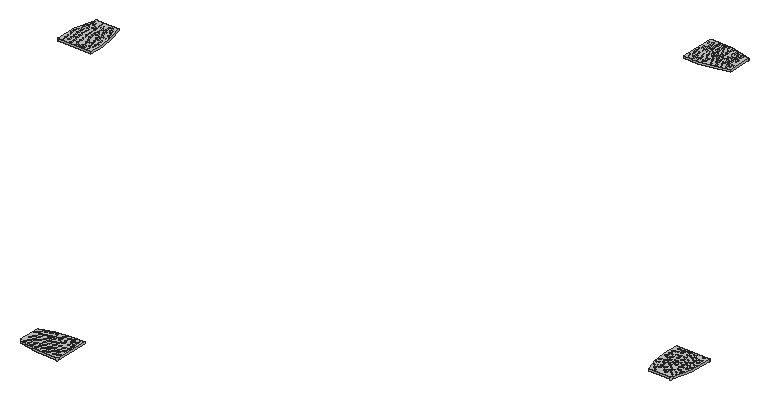
Revit family "PS-C63RTLP z", category Generic Models, host Ceiling, Revit 2016
Family settings
  Host = Ceiling
  Part Type = Normal
  Can host rebar = No
  Round Connector Dimension = Use Diameter
  Work Plane-Based = No
  Always vertical = Yes
  Cut with Voids When Loaded = No
  Shared = No
  Room Calculation Point = No
Parameters (values of type "Default")
  Width = "11.06"
  Weight Product = "10"
  Weight Dimensional = "19"
  Speaker Data Link = "https://www.sonance.com/assets/media/files/downloads/PS_C63RT_030447.gll"
  Sensitivity = "91"
  SPL Max = "108"
  Regulatory Compliance = "UL 1480, UL 2043, NFPA 90A, NFPA 70"
  Product Page URL = "https://www.sonance.com/professionalseries/psc63rtlp"
  Product Documentation Link = "https://www.sonance.com/assets/media/files/downloads/Pro_Series_Spec_Sheet_No_Pricing_040802.pdf"
  Power Peak = "120"
  Power Handling = "120"
  Part Number = "45182"
  Model = "PS-C63RTLP"
  Manufacturer URL = "https://www.sonance.com"
  Manufacturer = "Sonance"
  Low-Frequency Driver = "6.5” (165mm) Polypropylene Cone, Butyl Rubber Surround"
  Knockout = "one back-mounted, one side-mounted 0.75\""
  Input Connector = "Four pin Euroblock with loop output connections"
  Impedance = "8"
  High-Frequency Driver = "1” (25mm) Cloth Dome, Pivoting, Ferrofluid cooled"
  Height = "11.06"
  Grille = "Supplied with bezel-less white grille. Optional black grille, or square adapter with black or white grille"
  Frequency Range (-3dB) = "65Hz-20kHz"
  Frequency Range (-10dB) = "49Hz-25kHz"
  Directivity Factor (Q) = "6.5"
  Directivity (DI) = "7.9"
  Description = "6.5\" 2-way Round Low-profile In-ceiling Speaker with 70V/100V transformer for commercial applications"
  Depth = "4.37"
  Coverage Vertical = "120"
  Coverage Horizontal = "120"
  70V Taps = "7.5, 15, 30, 60"
  100V Taps = "15, 30, 60"
Reference planes
  plane 1 "Center (Front/Back)": y = 0
  plane 2 "Ceiling": z = 2438.4
  plane 3 "Center (Left/Right)": x = 0
  plane 4 "a": z = 2471.617
Forms (mm)
  Extrusion 1, solid, material "192-192-192-0-0.400000005960464_(1)"
    sketch origin (-23.875, 13.434, 2457.405) x (0.990132, 0.140134, 0) y (-0.140134, 0.990132, 0)
      loop
        line (-88.795, 27.95) -> (-95.991, 28.961)
        arc (-95.991, 28.961) -> (-96.42, 28.899) -> (-96.685, 28.555) r 0.578
        arc (-96.685, 28.555) -> (-99.082, 22.131) -> (-100.362, 15.395) r 40.543
        arc (-100.362, 15.395) -> (-100.313, 14.951) -> (-99.963, 14.675) r 0.577
        line (-99.963, 14.675) -> (-88.813, 13.108)
        arc (-88.813, 13.108) -> (-87.799, 20.527) -> (-88.795, 27.95) r 27.891
      loop
        line (-98.07, 21.344) -> (-98.705, 22.116) -> (-99.056, 21.18) -> (-98.07, 21.344)
      loop
        line (-98.157, 19.764) -> (-98.792, 20.536) -> (-99.143, 19.6) -> (-98.157, 19.764)
      loop
        line (-98.153, 18.234) -> (-98.789, 19.006) -> (-99.14, 18.07) -> (-98.153, 18.234)
      loop
        line (-98.083, 16.643) -> (-98.718, 17.415) -> (-99.069, 16.479) -> (-98.083, 16.643)
      loop
        line (-98.17, 15.063) -> (-98.805, 15.835) -> (-99.156, 14.899) -> (-98.17, 15.063)
      loop
        line (-96.268, 22.115) -> (-96.903, 22.887) -> (-97.254, 21.95) -> (-96.268, 22.115)
      loop
        line (-96.624, 20.743) -> (-97.259, 21.515) -> (-97.61, 20.579) -> (-96.624, 20.743)
      loop
        line (-96.711, 19.163) -> (-97.346, 19.936) -> (-97.697, 18.999) -> (-96.711, 19.163)
      loop
        line (-96.707, 17.633) -> (-97.343, 18.406) -> (-97.694, 17.469) -> (-96.707, 17.633)
      loop
        line (-96.637, 16.042) -> (-97.272, 16.814) -> (-97.623, 15.878) -> (-96.637, 16.042)
      loop
        line (-94.985, 22.566) -> (-95.62, 23.338) -> (-95.971, 22.401) -> (-94.985, 22.566)
      loop
        line (-95.24, 21.211) -> (-95.875, 21.983) -> (-96.226, 21.047) -> (-95.24, 21.211)
      loop
        line (-95.327, 19.631) -> (-95.962, 20.404) -> (-96.313, 19.467) -> (-95.327, 19.631)
      loop
        line (-95.323, 18.101) -> (-95.959, 18.874) -> (-96.31, 17.937) -> (-95.323, 18.101)
      loop
        line (-95.253, 16.51) -> (-95.888, 17.282) -> (-96.239, 16.346) -> (-95.253, 16.51)
      loop
        line (-95.339, 14.93) -> (-95.975, 15.703) -> (-96.326, 14.766) -> (-95.339, 14.93)
      loop
        line (-93.516, 22.138) -> (-94.151, 22.91) -> (-94.502, 21.974) -> (-93.516, 22.138)
      loop
        line (-93.729, 20.566) -> (-94.365, 21.339) -> (-94.716, 20.402) -> (-93.729, 20.566)
      loop
        line (-93.719, 18.921) -> (-94.355, 19.693) -> (-94.706, 18.757) -> (-93.719, 18.921)
      loop
        line (-93.586, 17.303) -> (-94.222, 18.075) -> (-94.573, 17.139) -> (-93.586, 17.303)
      loop
        line (-93.807, 15.909) -> (-94.442, 16.681) -> (-94.793, 15.745) -> (-93.807, 15.909)
      loop
        line (-92.177, 22.935) -> (-92.813, 23.707) -> (-93.164, 22.77) -> (-92.177, 22.935)
      loop
        line (-92.456, 21.407) -> (-93.091, 22.179) -> (-93.442, 21.243) -> (-92.456, 21.407)
      loop
        line (-92.389, 20.054) -> (-93.025, 20.826) -> (-93.375, 19.889) -> (-92.389, 20.054)
      loop
        line (-92.103, 18.662) -> (-92.738, 19.434) -> (-93.089, 18.498) -> (-92.103, 18.662)
      loop
        line (-91.727, 17.242) -> (-92.363, 18.014) -> (-92.714, 17.077) -> (-91.727, 17.242)
      loop
        line (-91.587, 15.649) -> (-92.222, 16.421) -> (-92.573, 15.485) -> (-91.587, 15.649)
      loop
        line (-91.319, 22.024) -> (-91.954, 22.797) -> (-92.305, 21.86) -> (-91.319, 22.024)
      loop
        line (-90.665, 20.619) -> (-91.3, 21.391) -> (-91.651, 20.455) -> (-90.665, 20.619)
      loop
        line (-90.361, 19.058) -> (-90.997, 19.83) -> (-91.348, 18.894) -> (-90.361, 19.058)
      loop
        line (-90.066, 17.471) -> (-90.701, 18.243) -> (-91.052, 17.307) -> (-90.066, 17.471)
      loop
        line (-89.903, 15.643) -> (-90.599, 16.489) -> (-90.984, 15.463) -> (-89.903, 15.643)
      loop
        line (-90.158, 27.013) -> (-90.794, 27.785) -> (-91.145, 26.849) -> (-90.158, 27.013)
      loop
        line (-90.437, 25.486) -> (-91.072, 26.258) -> (-91.423, 25.321) -> (-90.437, 25.486)
      loop
        line (-90.37, 24.132) -> (-91.005, 24.904) -> (-91.356, 23.968) -> (-90.37, 24.132)
      loop
        line (-90.084, 22.741) -> (-90.719, 23.513) -> (-91.07, 22.576) -> (-90.084, 22.741)
      loop
        line (-89.708, 21.32) -> (-90.344, 22.092) -> (-90.695, 21.156) -> (-89.708, 21.32)
      loop
        line (-89.568, 19.728) -> (-90.203, 20.5) -> (-90.554, 19.564) -> (-89.568, 19.728)
      loop
        line (-89.3, 26.103) -> (-89.935, 26.875) -> (-90.286, 25.939) -> (-89.3, 26.103)
      loop
        line (-88.646, 24.698) -> (-89.281, 25.47) -> (-89.632, 24.533) -> (-88.646, 24.698)
      loop
        line (-88.342, 23.137) -> (-88.978, 23.909) -> (-89.329, 22.972) -> (-88.342, 23.137)
      loop
        line (-88.047, 21.55) -> (-88.682, 22.322) -> (-89.033, 21.386) -> (-88.047, 21.55)
      loop
        line (-93.204, 27.013) -> (-93.839, 27.785) -> (-94.19, 26.849) -> (-93.204, 27.013)
      loop
        line (-93.482, 25.486) -> (-94.118, 26.258) -> (-94.469, 25.321) -> (-93.482, 25.486)
      loop
        line (-93.259, 23.859) -> (-93.895, 24.631) -> (-94.246, 23.694) -> (-93.259, 23.859)
      loop
        line (-92.346, 26.103) -> (-92.981, 26.875) -> (-93.332, 25.939) -> (-92.346, 26.103)
      loop
        line (-91.691, 24.698) -> (-92.327, 25.47) -> (-92.678, 24.533) -> (-91.691, 24.698)
      loop
        line (-95.72, 27.013) -> (-96.355, 27.785) -> (-96.706, 26.849) -> (-95.72, 27.013)
      loop
        line (-95.998, 25.486) -> (-96.634, 26.258) -> (-96.985, 25.321) -> (-95.998, 25.486)
      loop
        line (-95.58, 24.015) -> (-96.216, 24.787) -> (-96.567, 23.851) -> (-95.58, 24.015)
      loop
        line (-94.862, 26.103) -> (-95.497, 26.875) -> (-95.848, 25.939) -> (-94.862, 26.103)
      loop
        line (-94.207, 24.698) -> (-94.843, 25.47) -> (-95.194, 24.533) -> (-94.207, 24.698)
      loop
        line (-88.564, 18.796) -> (-89.2, 19.568) -> (-89.551, 18.632) -> (-88.564, 18.796)
      loop
        line (-88.843, 17.268) -> (-89.478, 18.041) -> (-89.829, 17.104) -> (-88.843, 17.268)
      loop
        line (-88.776, 15.915) -> (-89.412, 16.687) -> (-89.763, 15.751) -> (-88.776, 15.915)
      loop
        line (-93.593, 14.519) -> (-94.228, 15.291) -> (-94.579, 14.355) -> (-93.593, 14.519)
      loop
        line (-92.126, 14.274) -> (-92.762, 15.046) -> (-93.113, 14.11) -> (-92.126, 14.274)
      loop
        line (-90.938, 14.472) -> (-91.574, 15.244) -> (-91.925, 14.308) -> (-90.938, 14.472)
      loop
        line (-89.47, 14.206) -> (-90.105, 14.978) -> (-90.456, 14.042) -> (-89.47, 14.206)
      loop
        line (-97.278, 22.62) -> (-97.914, 23.393) -> (-98.265, 22.456) -> (-97.278, 22.62)
      loop
        line (-96.864, 24.482) -> (-97.5, 25.254) -> (-97.851, 24.317) -> (-96.864, 24.482)
    from 16.25 to 16.88
  Extrusion 2, solid, material "192-192-192-0-0.400000005960464_(1)"
    sketch origin (23.46, -13.476, 2457.405) x (-0.990378, -0.13839, 0) y (0.13839, -0.990378, 0)
      loop
        line (-88.795, 27.95) -> (-95.991, 28.961)
        arc (-95.991, 28.961) -> (-96.42, 28.899) -> (-96.685, 28.555) r 0.578
        arc (-96.685, 28.555) -> (-99.082, 22.131) -> (-100.362, 15.395) r 40.543
        arc (-100.362, 15.395) -> (-100.313, 14.951) -> (-99.963, 14.675) r 0.577
        line (-99.963, 14.675) -> (-88.813, 13.108)
        arc (-88.813, 13.108) -> (-87.799, 20.527) -> (-88.795, 27.95) r 27.891
      loop
        line (-98.07, 21.344) -> (-98.705, 22.116) -> (-99.056, 21.18) -> (-98.07, 21.344)
      loop
        line (-98.157, 19.764) -> (-98.792, 20.536) -> (-99.143, 19.6) -> (-98.157, 19.764)
      loop
        line (-98.153, 18.234) -> (-98.789, 19.006) -> (-99.14, 18.07) -> (-98.153, 18.234)
      loop
        line (-98.083, 16.643) -> (-98.718, 17.415) -> (-99.069, 16.479) -> (-98.083, 16.643)
      loop
        line (-98.17, 15.063) -> (-98.805, 15.835) -> (-99.156, 14.899) -> (-98.17, 15.063)
      loop
        line (-96.268, 22.115) -> (-96.903, 22.887) -> (-97.254, 21.95) -> (-96.268, 22.115)
      loop
        line (-96.624, 20.743) -> (-97.259, 21.515) -> (-97.61, 20.579) -> (-96.624, 20.743)
      loop
        line (-96.711, 19.163) -> (-97.346, 19.936) -> (-97.697, 18.999) -> (-96.711, 19.163)
      loop
        line (-96.707, 17.633) -> (-97.343, 18.406) -> (-97.694, 17.469) -> (-96.707, 17.633)
      loop
        line (-96.637, 16.042) -> (-97.272, 16.814) -> (-97.623, 15.878) -> (-96.637, 16.042)
      loop
        line (-94.985, 22.566) -> (-95.62, 23.338) -> (-95.971, 22.401) -> (-94.985, 22.566)
      loop
        line (-95.24, 21.211) -> (-95.875, 21.983) -> (-96.226, 21.047) -> (-95.24, 21.211)
      loop
        line (-95.327, 19.631) -> (-95.962, 20.404) -> (-96.313, 19.467) -> (-95.327, 19.631)
      loop
        line (-95.323, 18.101) -> (-95.959, 18.874) -> (-96.31, 17.937) -> (-95.323, 18.101)
      loop
        line (-95.253, 16.51) -> (-95.888, 17.282) -> (-96.239, 16.346) -> (-95.253, 16.51)
      loop
        line (-95.339, 14.93) -> (-95.975, 15.703) -> (-96.326, 14.766) -> (-95.339, 14.93)
      loop
        line (-93.516, 22.138) -> (-94.151, 22.91) -> (-94.502, 21.974) -> (-93.516, 22.138)
      loop
        line (-93.729, 20.566) -> (-94.365, 21.339) -> (-94.716, 20.402) -> (-93.729, 20.566)
      loop
        line (-93.719, 18.921) -> (-94.355, 19.693) -> (-94.706, 18.757) -> (-93.719, 18.921)
      loop
        line (-93.586, 17.303) -> (-94.222, 18.075) -> (-94.573, 17.139) -> (-93.586, 17.303)
      loop
        line (-93.807, 15.909) -> (-94.442, 16.681) -> (-94.793, 15.745) -> (-93.807, 15.909)
      loop
        line (-92.177, 22.935) -> (-92.813, 23.707) -> (-93.164, 22.77) -> (-92.177, 22.935)
      loop
        line (-92.456, 21.407) -> (-93.091, 22.179) -> (-93.442, 21.243) -> (-92.456, 21.407)
      loop
        line (-92.389, 20.054) -> (-93.025, 20.826) -> (-93.375, 19.889) -> (-92.389, 20.054)
      loop
        line (-92.103, 18.662) -> (-92.738, 19.434) -> (-93.089, 18.498) -> (-92.103, 18.662)
      loop
        line (-91.727, 17.242) -> (-92.363, 18.014) -> (-92.714, 17.077) -> (-91.727, 17.242)
      loop
        line (-91.587, 15.649) -> (-92.222, 16.421) -> (-92.573, 15.485) -> (-91.587, 15.649)
      loop
        line (-91.319, 22.024) -> (-91.954, 22.797) -> (-92.305, 21.86) -> (-91.319, 22.024)
      loop
        line (-90.665, 20.619) -> (-91.3, 21.391) -> (-91.651, 20.455) -> (-90.665, 20.619)
      loop
        line (-90.361, 19.058) -> (-90.997, 19.83) -> (-91.348, 18.894) -> (-90.361, 19.058)
      loop
        line (-90.066, 17.471) -> (-90.701, 18.243) -> (-91.052, 17.307) -> (-90.066, 17.471)
      loop
        line (-89.903, 15.643) -> (-90.599, 16.489) -> (-90.984, 15.463) -> (-89.903, 15.643)
      loop
        line (-90.158, 27.013) -> (-90.794, 27.785) -> (-91.145, 26.849) -> (-90.158, 27.013)
      loop
        line (-90.437, 25.486) -> (-91.072, 26.258) -> (-91.423, 25.321) -> (-90.437, 25.486)
      loop
        line (-90.37, 24.132) -> (-91.005, 24.904) -> (-91.356, 23.968) -> (-90.37, 24.132)
      loop
        line (-90.084, 22.741) -> (-90.719, 23.513) -> (-91.07, 22.576) -> (-90.084, 22.741)
      loop
        line (-89.708, 21.32) -> (-90.344, 22.092) -> (-90.695, 21.156) -> (-89.708, 21.32)
      loop
        line (-89.568, 19.728) -> (-90.203, 20.5) -> (-90.554, 19.564) -> (-89.568, 19.728)
      loop
        line (-89.3, 26.103) -> (-89.935, 26.875) -> (-90.286, 25.939) -> (-89.3, 26.103)
      loop
        line (-88.646, 24.698) -> (-89.281, 25.47) -> (-89.632, 24.533) -> (-88.646, 24.698)
      loop
        line (-88.342, 23.137) -> (-88.978, 23.909) -> (-89.329, 22.972) -> (-88.342, 23.137)
      loop
        line (-88.047, 21.55) -> (-88.682, 22.322) -> (-89.033, 21.386) -> (-88.047, 21.55)
      loop
        line (-93.204, 27.013) -> (-93.839, 27.785) -> (-94.19, 26.849) -> (-93.204, 27.013)
      loop
        line (-93.482, 25.486) -> (-94.118, 26.258) -> (-94.469, 25.321) -> (-93.482, 25.486)
      loop
        line (-93.259, 23.859) -> (-93.895, 24.631) -> (-94.246, 23.694) -> (-93.259, 23.859)
      loop
        line (-92.346, 26.103) -> (-92.981, 26.875) -> (-93.332, 25.939) -> (-92.346, 26.103)
      loop
        line (-91.691, 24.698) -> (-92.327, 25.47) -> (-92.678, 24.533) -> (-91.691, 24.698)
      loop
        line (-95.72, 27.013) -> (-96.355, 27.785) -> (-96.706, 26.849) -> (-95.72, 27.013)
      loop
        line (-95.998, 25.486) -> (-96.634, 26.258) -> (-96.985, 25.321) -> (-95.998, 25.486)
      loop
        line (-95.58, 24.015) -> (-96.216, 24.787) -> (-96.567, 23.851) -> (-95.58, 24.015)
      loop
        line (-94.862, 26.103) -> (-95.497, 26.875) -> (-95.848, 25.939) -> (-94.862, 26.103)
      loop
        line (-94.207, 24.698) -> (-94.843, 25.47) -> (-95.194, 24.533) -> (-94.207, 24.698)
      loop
        line (-88.564, 18.796) -> (-89.2, 19.568) -> (-89.551, 18.632) -> (-88.564, 18.796)
      loop
        line (-88.843, 17.268) -> (-89.478, 18.041) -> (-89.829, 17.104) -> (-88.843, 17.268)
      loop
        line (-88.776, 15.915) -> (-89.412, 16.687) -> (-89.763, 15.751) -> (-88.776, 15.915)
      loop
        line (-93.593, 14.519) -> (-94.228, 15.291) -> (-94.579, 14.355) -> (-93.593, 14.519)
      loop
        line (-92.126, 14.274) -> (-92.762, 15.046) -> (-93.113, 14.11) -> (-92.126, 14.274)
      loop
        line (-90.938, 14.472) -> (-91.574, 15.244) -> (-91.925, 14.308) -> (-90.938, 14.472)
      loop
        line (-89.47, 14.206) -> (-90.105, 14.978) -> (-90.456, 14.042) -> (-89.47, 14.206)
      loop
        line (-97.278, 22.62) -> (-97.914, 23.393) -> (-98.265, 22.456) -> (-97.278, 22.62)
      loop
        line (-96.864, 24.482) -> (-97.5, 25.254) -> (-97.851, 24.317) -> (-96.864, 24.482)
    from 16.25 to 16.88
  Extrusion 3, solid, material "192-192-192-0-0.400000005960464_(1)"
    sketch origin (13.451, 23.397, 2457.405) x (0.139444, -0.99023, 0) y (0.99023, 0.139444, 0)
      loop
        line (-88.795, 27.95) -> (-95.991, 28.961)
        arc (-95.991, 28.961) -> (-96.42, 28.899) -> (-96.685, 28.555) r 0.578
        arc (-96.685, 28.555) -> (-99.082, 22.131) -> (-100.362, 15.395) r 40.543
        arc (-100.362, 15.395) -> (-100.313, 14.951) -> (-99.963, 14.675) r 0.577
        line (-99.963, 14.675) -> (-88.813, 13.108)
        arc (-88.813, 13.108) -> (-87.799, 20.527) -> (-88.795, 27.95) r 27.891
      loop
        line (-98.07, 21.344) -> (-98.705, 22.116) -> (-99.056, 21.18) -> (-98.07, 21.344)
      loop
        line (-98.157, 19.764) -> (-98.792, 20.536) -> (-99.143, 19.6) -> (-98.157, 19.764)
      loop
        line (-98.153, 18.234) -> (-98.789, 19.006) -> (-99.14, 18.07) -> (-98.153, 18.234)
      loop
        line (-98.083, 16.643) -> (-98.718, 17.415) -> (-99.069, 16.479) -> (-98.083, 16.643)
      loop
        line (-98.17, 15.063) -> (-98.805, 15.835) -> (-99.156, 14.899) -> (-98.17, 15.063)
      loop
        line (-96.268, 22.115) -> (-96.903, 22.887) -> (-97.254, 21.95) -> (-96.268, 22.115)
      loop
        line (-96.624, 20.743) -> (-97.259, 21.515) -> (-97.61, 20.579) -> (-96.624, 20.743)
      loop
        line (-96.711, 19.163) -> (-97.346, 19.936) -> (-97.697, 18.999) -> (-96.711, 19.163)
      loop
        line (-96.707, 17.633) -> (-97.343, 18.406) -> (-97.694, 17.469) -> (-96.707, 17.633)
      loop
        line (-96.637, 16.042) -> (-97.272, 16.814) -> (-97.623, 15.878) -> (-96.637, 16.042)
      loop
        line (-94.985, 22.566) -> (-95.62, 23.338) -> (-95.971, 22.401) -> (-94.985, 22.566)
      loop
        line (-95.24, 21.211) -> (-95.875, 21.983) -> (-96.226, 21.047) -> (-95.24, 21.211)
      loop
        line (-95.327, 19.631) -> (-95.962, 20.404) -> (-96.313, 19.467) -> (-95.327, 19.631)
      loop
        line (-95.323, 18.101) -> (-95.959, 18.874) -> (-96.31, 17.937) -> (-95.323, 18.101)
      loop
        line (-95.253, 16.51) -> (-95.888, 17.282) -> (-96.239, 16.346) -> (-95.253, 16.51)
      loop
        line (-95.339, 14.93) -> (-95.975, 15.703) -> (-96.326, 14.766) -> (-95.339, 14.93)
      loop
        line (-93.516, 22.138) -> (-94.151, 22.91) -> (-94.502, 21.974) -> (-93.516, 22.138)
      loop
        line (-93.729, 20.566) -> (-94.365, 21.339) -> (-94.716, 20.402) -> (-93.729, 20.566)
      loop
        line (-93.719, 18.921) -> (-94.355, 19.693) -> (-94.706, 18.757) -> (-93.719, 18.921)
      loop
        line (-93.586, 17.303) -> (-94.222, 18.075) -> (-94.573, 17.139) -> (-93.586, 17.303)
      loop
        line (-93.807, 15.909) -> (-94.442, 16.681) -> (-94.793, 15.745) -> (-93.807, 15.909)
      loop
        line (-92.177, 22.935) -> (-92.813, 23.707) -> (-93.164, 22.77) -> (-92.177, 22.935)
      loop
        line (-92.456, 21.407) -> (-93.091, 22.179) -> (-93.442, 21.243) -> (-92.456, 21.407)
      loop
        line (-92.389, 20.054) -> (-93.025, 20.826) -> (-93.375, 19.889) -> (-92.389, 20.054)
      loop
        line (-92.103, 18.662) -> (-92.738, 19.434) -> (-93.089, 18.498) -> (-92.103, 18.662)
      loop
        line (-91.727, 17.242) -> (-92.363, 18.014) -> (-92.714, 17.077) -> (-91.727, 17.242)
      loop
        line (-91.587, 15.649) -> (-92.222, 16.421) -> (-92.573, 15.485) -> (-91.587, 15.649)
      loop
        line (-91.319, 22.024) -> (-91.954, 22.797) -> (-92.305, 21.86) -> (-91.319, 22.024)
      loop
        line (-90.665, 20.619) -> (-91.3, 21.391) -> (-91.651, 20.455) -> (-90.665, 20.619)
      loop
        line (-90.361, 19.058) -> (-90.997, 19.83) -> (-91.348, 18.894) -> (-90.361, 19.058)
      loop
        line (-90.066, 17.471) -> (-90.701, 18.243) -> (-91.052, 17.307) -> (-90.066, 17.471)
      loop
        line (-89.903, 15.643) -> (-90.599, 16.489) -> (-90.984, 15.463) -> (-89.903, 15.643)
      loop
        line (-90.158, 27.013) -> (-90.794, 27.785) -> (-91.145, 26.849) -> (-90.158, 27.013)
      loop
        line (-90.437, 25.486) -> (-91.072, 26.258) -> (-91.423, 25.321) -> (-90.437, 25.486)
      loop
        line (-90.37, 24.132) -> (-91.005, 24.904) -> (-91.356, 23.968) -> (-90.37, 24.132)
      loop
        line (-90.084, 22.741) -> (-90.719, 23.513) -> (-91.07, 22.576) -> (-90.084, 22.741)
      loop
        line (-89.708, 21.32) -> (-90.344, 22.092) -> (-90.695, 21.156) -> (-89.708, 21.32)
      loop
        line (-89.568, 19.728) -> (-90.203, 20.5) -> (-90.554, 19.564) -> (-89.568, 19.728)
      loop
        line (-89.3, 26.103) -> (-89.935, 26.875) -> (-90.286, 25.939) -> (-89.3, 26.103)
      loop
        line (-88.646, 24.698) -> (-89.281, 25.47) -> (-89.632, 24.533) -> (-88.646, 24.698)
      loop
        line (-88.342, 23.137) -> (-88.978, 23.909) -> (-89.329, 22.972) -> (-88.342, 23.137)
      loop
        line (-88.047, 21.55) -> (-88.682, 22.322) -> (-89.033, 21.386) -> (-88.047, 21.55)
      loop
        line (-93.204, 27.013) -> (-93.839, 27.785) -> (-94.19, 26.849) -> (-93.204, 27.013)
      loop
        line (-93.482, 25.486) -> (-94.118, 26.258) -> (-94.469, 25.321) -> (-93.482, 25.486)
      loop
        line (-93.259, 23.859) -> (-93.895, 24.631) -> (-94.246, 23.694) -> (-93.259, 23.859)
      loop
        line (-92.346, 26.103) -> (-92.981, 26.875) -> (-93.332, 25.939) -> (-92.346, 26.103)
      loop
        line (-91.691, 24.698) -> (-92.327, 25.47) -> (-92.678, 24.533) -> (-91.691, 24.698)
      loop
        line (-95.72, 27.013) -> (-96.355, 27.785) -> (-96.706, 26.849) -> (-95.72, 27.013)
      loop
        line (-95.998, 25.486) -> (-96.634, 26.258) -> (-96.985, 25.321) -> (-95.998, 25.486)
      loop
        line (-95.58, 24.015) -> (-96.216, 24.787) -> (-96.567, 23.851) -> (-95.58, 24.015)
      loop
        line (-94.862, 26.103) -> (-95.497, 26.875) -> (-95.848, 25.939) -> (-94.862, 26.103)
      loop
        line (-94.207, 24.698) -> (-94.843, 25.47) -> (-95.194, 24.533) -> (-94.207, 24.698)
      loop
        line (-88.564, 18.796) -> (-89.2, 19.568) -> (-89.551, 18.632) -> (-88.564, 18.796)
      loop
        line (-88.843, 17.268) -> (-89.478, 18.041) -> (-89.829, 17.104) -> (-88.843, 17.268)
      loop
        line (-88.776, 15.915) -> (-89.412, 16.687) -> (-89.763, 15.751) -> (-88.776, 15.915)
      loop
        line (-93.593, 14.519) -> (-94.228, 15.291) -> (-94.579, 14.355) -> (-93.593, 14.519)
      loop
        line (-92.126, 14.274) -> (-92.762, 15.046) -> (-93.113, 14.11) -> (-92.126, 14.274)
      loop
        line (-90.938, 14.472) -> (-91.574, 15.244) -> (-91.925, 14.308) -> (-90.938, 14.472)
      loop
        line (-89.47, 14.206) -> (-90.105, 14.978) -> (-90.456, 14.042) -> (-89.47, 14.206)
      loop
        line (-97.278, 22.62) -> (-97.914, 23.393) -> (-98.265, 22.456) -> (-97.278, 22.62)
      loop
        line (-96.864, 24.482) -> (-97.5, 25.254) -> (-97.851, 24.317) -> (-96.864, 24.482)
    from 16.25 to 16.88
  Extrusion 4, solid, material "192-192-192-0-0.400000005960464_(1)"
    sketch origin (-13.829, -23.527, 2457.405) x (-0.143275, 0.989683, 0) y (-0.989683, -0.143275, 0)
      loop
        line (-88.795, 27.95) -> (-95.991, 28.961)
        arc (-95.991, 28.961) -> (-96.42, 28.899) -> (-96.685, 28.555) r 0.578
        arc (-96.685, 28.555) -> (-99.082, 22.131) -> (-100.362, 15.395) r 40.543
        arc (-100.362, 15.395) -> (-100.313, 14.951) -> (-99.963, 14.675) r 0.577
        line (-99.963, 14.675) -> (-88.813, 13.108)
        arc (-88.813, 13.108) -> (-87.799, 20.527) -> (-88.795, 27.95) r 27.891
      loop
        line (-98.07, 21.344) -> (-98.705, 22.116) -> (-99.056, 21.18) -> (-98.07, 21.344)
      loop
        line (-98.157, 19.764) -> (-98.792, 20.536) -> (-99.143, 19.6) -> (-98.157, 19.764)
      loop
        line (-98.153, 18.234) -> (-98.789, 19.006) -> (-99.14, 18.07) -> (-98.153, 18.234)
      loop
        line (-98.083, 16.643) -> (-98.718, 17.415) -> (-99.069, 16.479) -> (-98.083, 16.643)
      loop
        line (-98.17, 15.063) -> (-98.805, 15.835) -> (-99.156, 14.899) -> (-98.17, 15.063)
      loop
        line (-96.268, 22.115) -> (-96.903, 22.887) -> (-97.254, 21.95) -> (-96.268, 22.115)
      loop
        line (-96.624, 20.743) -> (-97.259, 21.515) -> (-97.61, 20.579) -> (-96.624, 20.743)
      loop
        line (-96.711, 19.163) -> (-97.346, 19.936) -> (-97.697, 18.999) -> (-96.711, 19.163)
      loop
        line (-96.707, 17.633) -> (-97.343, 18.406) -> (-97.694, 17.469) -> (-96.707, 17.633)
      loop
        line (-96.637, 16.042) -> (-97.272, 16.814) -> (-97.623, 15.878) -> (-96.637, 16.042)
      loop
        line (-94.985, 22.566) -> (-95.62, 23.338) -> (-95.971, 22.401) -> (-94.985, 22.566)
      loop
        line (-95.24, 21.211) -> (-95.875, 21.983) -> (-96.226, 21.047) -> (-95.24, 21.211)
      loop
        line (-95.327, 19.631) -> (-95.962, 20.404) -> (-96.313, 19.467) -> (-95.327, 19.631)
      loop
        line (-95.323, 18.101) -> (-95.959, 18.874) -> (-96.31, 17.937) -> (-95.323, 18.101)
      loop
        line (-95.253, 16.51) -> (-95.888, 17.282) -> (-96.239, 16.346) -> (-95.253, 16.51)
      loop
        line (-95.339, 14.93) -> (-95.975, 15.703) -> (-96.326, 14.766) -> (-95.339, 14.93)
      loop
        line (-93.516, 22.138) -> (-94.151, 22.91) -> (-94.502, 21.974) -> (-93.516, 22.138)
      loop
        line (-93.729, 20.566) -> (-94.365, 21.339) -> (-94.716, 20.402) -> (-93.729, 20.566)
      loop
        line (-93.719, 18.921) -> (-94.355, 19.693) -> (-94.706, 18.757) -> (-93.719, 18.921)
      loop
        line (-93.586, 17.303) -> (-94.222, 18.075) -> (-94.573, 17.139) -> (-93.586, 17.303)
      loop
        line (-93.807, 15.909) -> (-94.442, 16.681) -> (-94.793, 15.745) -> (-93.807, 15.909)
      loop
        line (-92.177, 22.935) -> (-92.813, 23.707) -> (-93.164, 22.77) -> (-92.177, 22.935)
      loop
        line (-92.456, 21.407) -> (-93.091, 22.179) -> (-93.442, 21.243) -> (-92.456, 21.407)
      loop
        line (-92.389, 20.054) -> (-93.025, 20.826) -> (-93.375, 19.889) -> (-92.389, 20.054)
      loop
        line (-92.103, 18.662) -> (-92.738, 19.434) -> (-93.089, 18.498) -> (-92.103, 18.662)
      loop
        line (-91.727, 17.242) -> (-92.363, 18.014) -> (-92.714, 17.077) -> (-91.727, 17.242)
      loop
        line (-91.587, 15.649) -> (-92.222, 16.421) -> (-92.573, 15.485) -> (-91.587, 15.649)
      loop
        line (-91.319, 22.024) -> (-91.954, 22.797) -> (-92.305, 21.86) -> (-91.319, 22.024)
      loop
        line (-90.665, 20.619) -> (-91.3, 21.391) -> (-91.651, 20.455) -> (-90.665, 20.619)
      loop
        line (-90.361, 19.058) -> (-90.997, 19.83) -> (-91.348, 18.894) -> (-90.361, 19.058)
      loop
        line (-90.066, 17.471) -> (-90.701, 18.243) -> (-91.052, 17.307) -> (-90.066, 17.471)
      loop
        line (-89.903, 15.643) -> (-90.599, 16.489) -> (-90.984, 15.463) -> (-89.903, 15.643)
      loop
        line (-90.158, 27.013) -> (-90.794, 27.785) -> (-91.145, 26.849) -> (-90.158, 27.013)
      loop
        line (-90.437, 25.486) -> (-91.072, 26.258) -> (-91.423, 25.321) -> (-90.437, 25.486)
      loop
        line (-90.37, 24.132) -> (-91.005, 24.904) -> (-91.356, 23.968) -> (-90.37, 24.132)
      loop
        line (-90.084, 22.741) -> (-90.719, 23.513) -> (-91.07, 22.576) -> (-90.084, 22.741)
      loop
        line (-89.708, 21.32) -> (-90.344, 22.092) -> (-90.695, 21.156) -> (-89.708, 21.32)
      loop
        line (-89.568, 19.728) -> (-90.203, 20.5) -> (-90.554, 19.564) -> (-89.568, 19.728)
      loop
        line (-89.3, 26.103) -> (-89.935, 26.875) -> (-90.286, 25.939) -> (-89.3, 26.103)
      loop
        line (-88.646, 24.698) -> (-89.281, 25.47) -> (-89.632, 24.533) -> (-88.646, 24.698)
      loop
        line (-88.342, 23.137) -> (-88.978, 23.909) -> (-89.329, 22.972) -> (-88.342, 23.137)
      loop
        line (-88.047, 21.55) -> (-88.682, 22.322) -> (-89.033, 21.386) -> (-88.047, 21.55)
      loop
        line (-93.204, 27.013) -> (-93.839, 27.785) -> (-94.19, 26.849) -> (-93.204, 27.013)
      loop
        line (-93.482, 25.486) -> (-94.118, 26.258) -> (-94.469, 25.321) -> (-93.482, 25.486)
      loop
        line (-93.259, 23.859) -> (-93.895, 24.631) -> (-94.246, 23.694) -> (-93.259, 23.859)
      loop
        line (-92.346, 26.103) -> (-92.981, 26.875) -> (-93.332, 25.939) -> (-92.346, 26.103)
      loop
        line (-91.691, 24.698) -> (-92.327, 25.47) -> (-92.678, 24.533) -> (-91.691, 24.698)
      loop
        line (-95.72, 27.013) -> (-96.355, 27.785) -> (-96.706, 26.849) -> (-95.72, 27.013)
      loop
        line (-95.998, 25.486) -> (-96.634, 26.258) -> (-96.985, 25.321) -> (-95.998, 25.486)
      loop
        line (-95.58, 24.015) -> (-96.216, 24.787) -> (-96.567, 23.851) -> (-95.58, 24.015)
      loop
        line (-94.862, 26.103) -> (-95.497, 26.875) -> (-95.848, 25.939) -> (-94.862, 26.103)
      loop
        line (-94.207, 24.698) -> (-94.843, 25.47) -> (-95.194, 24.533) -> (-94.207, 24.698)
      loop
        line (-88.564, 18.796) -> (-89.2, 19.568) -> (-89.551, 18.632) -> (-88.564, 18.796)
      loop
        line (-88.843, 17.268) -> (-89.478, 18.041) -> (-89.829, 17.104) -> (-88.843, 17.268)
      loop
        line (-88.776, 15.915) -> (-89.412, 16.687) -> (-89.763, 15.751) -> (-88.776, 15.915)
      loop
        line (-93.593, 14.519) -> (-94.228, 15.291) -> (-94.579, 14.355) -> (-93.593, 14.519)
      loop
        line (-92.126, 14.274) -> (-92.762, 15.046) -> (-93.113, 14.11) -> (-92.126, 14.274)
      loop
        line (-90.938, 14.472) -> (-91.574, 15.244) -> (-91.925, 14.308) -> (-90.938, 14.472)
      loop
        line (-89.47, 14.206) -> (-90.105, 14.978) -> (-90.456, 14.042) -> (-89.47, 14.206)
      loop
        line (-97.278, 22.62) -> (-97.914, 23.393) -> (-98.265, 22.456) -> (-97.278, 22.62)
      loop
        line (-96.864, 24.482) -> (-97.5, 25.254) -> (-97.851, 24.317) -> (-96.864, 24.482)
    from 16.25 to 16.88
Lines and regions (mm)
  Opening 1
    outline origin (0, 0, 2438.4) x (1, 0, 0) y (0, 1, 0)
      loop
        circle (0, 0) r 140
Dimensions and locks
  equal spacing: host sketch curve, plane 3 "Center (Left/Right)", host sketch curve
  equal spacing: host sketch curve, plane 1 "Center (Front/Back)", host sketch curve
  host sketch curve to host sketch curve = 3048.000 mm  (x2)
